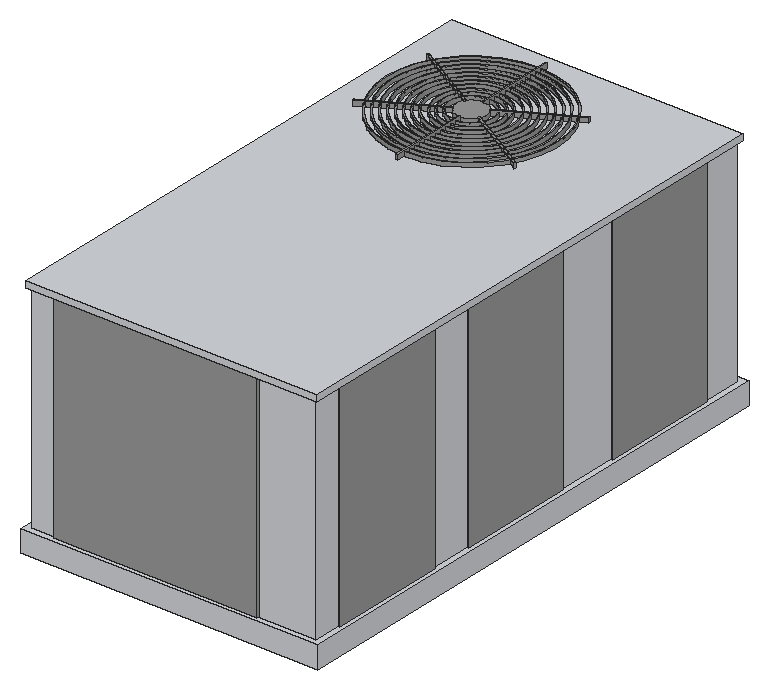
Revit family "RTU-2", category Mechanical Equipment, host Face, Revit 2025
Family settings
  Host = Face
  Round Connector Dimension = Use Diameter
  Classification = None
  Part Type = Normal
  Cut with Voids When Loaded = No
  Maintain Annotation Orientation = No
  Shared = No
  Room Calculation Point = No
Parameters (values of type "LCH 072 H4E E 1Y")
  Width = 47"
  URL = "https://tech.lennoxintl.com/C03e7o14l/VIu12Ch2uV/ehb_lch_abox_2103.pdf"
  Model = "LCH 072 H4E E 1Y"
  Manufacturer = "LENNOX"
  Length = 85 1/4"
  Grill Material = Steel, Paint Finish, Dark Gray
  Default Elevation = 48"
Reference planes (in)
  plane 1 "Center (Front/Back)": y = 0
  plane 2: z = 0
  plane 3 "Center (Left/Right)": x = 0
  plane 4: x = -30.90625
  plane 5: x = -31.90625
  plane 6: x = -32.90625
  plane 7: x = -33.90625
  plane 8: x = -34.90625
  plane 9: x = -35.90625
  plane 10: x = -36.90625
  plane 11: x = -37.90625
  plane 12: x = -38.90625
  plane 13: x = -39.90625
  plane 14: x = -40.90625
  plane 15: x = -42.34375
  plane 16: x = -41.03125
  plane 17: x = -41.90625
  plane 18: x = -41.90567
  plane 19: y = 22.75058
  plane 20: y = 21.75058
  plane 21: y = 20.75058
  plane 22: y = 19.75058
  plane 23: y = 18.75058
  plane 24: y = 17.75058
  plane 25: y = 16.75058
  plane 26: y = 15.75058
  plane 27: y = 14.75058
  plane 28: y = 13.75058
  plane 29: y = 12.75058
  plane 30: y = 11.31308
  plane 31: y = 12.62558
  plane 32: y = 11.75058
  plane 33: y = 11.75117
  plane 34: through (-19.01548, 19.50279, 94.70355) normal (0.866, 0.5, 0)
  plane 35: through (-17.13782, 18.87558, 94.70355) normal (-0.866, -0.5, 0)
  plane 36: through (6.39048, 19.50279, 94.70355) normal (0.866, -0.5, 0)
  plane 37: through (4.51282, 18.87558, 94.70355) normal (-0.866, 0.5, 0)
  plane 38: y = 38.93808
  plane 39: y = 37.62558
  plane 40: through (-19.01548, 30.74838, 94.70355) normal (-0.866, 0.5, 0)
  plane 41: through (-17.13782, 31.37558, 94.70355) normal (0.866, -0.5, 0)
  plane 42: through (6.39048, 30.74838, 94.70355) normal (-0.866, -0.5, 0)
  plane 43: through (4.51282, 31.37558, 94.70355) normal (0.866, 0.5, 0)
  plane 44: through (-34.15405, 50.35923, 110.75) normal (0.5, -0.866, 0)
  plane 45: through (-34.78125, 48.48157, 110.75) normal (-0.5, 0.866, 0)
  plane 46: through (-34.15405, 24.95327, 110.75) normal (-0.5, -0.866, 0)
  plane 47: through (-34.78125, 26.83093, 110.75) normal (0.5, 0.866, 0)
  plane 48: x = -14.71875
  plane 49: x = -16.03125
  plane 50: through (-22.90845, 50.35923, 110.75) normal (0.5, 0.866, 0)
  plane 51: through (-22.28125, 48.48157, 110.75) normal (-0.5, -0.866, 0)
  plane 52: through (-22.90845, 24.95327, 110.75) normal (-0.5, 0.866, 0)
  plane 53: through (-22.28125, 26.83093, 110.75) normal (0.5, -0.866, 0)
  plane 54: y = 16.875
  plane 55: x = 14
  plane 56: y = -16.125
  plane 57: x = 16.875
  plane 58: y = -0.75
  plane 59: x = -8.5
  plane 60: y = -32.875
  plane 61: x = -4
Forms (in)
  Extrusion 1, solid
    sketch origin (0, 0, 0) x (1, 0, 0) y (0, 1, 0)
      loop
        line (-23.5, 42.625) -> (-23.5, -42.625) -> (23.5, -42.625) -> (23.5, 42.625) -> (-23.5, 42.625)
    from 0 to 3.5
  Extrusion 2, solid, material "Steel, Paint Finish, Dark Gray" <- "Grill Material", not visible
    sketch origin (0, 0, 54.625) x (1, 0, 0) y (0, 1, 0)
      loop
        circle (-28.53125, 37.65625) r 2.375
      loop
        circle (-28.53125, 37.65625) r 3.375
      loop
        circle (-28.53125, 37.65625) r 3.5
      loop
        circle (-28.53125, 37.65625) r 4.375
      loop
        circle (-28.53125, 37.65625) r 5.25
      loop
        circle (-28.53125, 37.65625) r 4.5
      loop
        circle (-28.53125, 37.65625) r 5.375
      loop
        circle (-28.53125, 37.65625) r 6.375
      loop
        circle (-28.53125, 37.65625) r 7.375
      loop
        circle (-28.53125, 37.65625) r 9.375
      loop
        circle (-28.53125, 37.65625) r 10.375
      loop
        circle (-28.53125, 37.65625) r 11.375
      loop
        circle (-28.53125, 37.65625) r 12.375
      loop
        circle (-28.53125, 37.65625) r 12.5
      loop
        circle (-28.53125, 37.65625) r 7.5
      loop
        circle (-28.53125, 37.65625) r 9.5
      loop
        circle (-28.53125, 37.65625) r 10.5
      loop
        circle (-28.53125, 37.65625) r 11.5
      loop
        circle (-28.53125, 37.65625) r 8.375
      loop
        circle (-28.53125, 37.65625) r 8.5
      loop
        circle (-28.53125, 37.65625) r 6.5
      loop
        circle (-28.53125, 37.65625) r 13.375
      loop
        circle (-28.53125, 37.65625) r 13.5
    from 0 to 0.625
  Extrusion 3, solid, material "Steel, Paint Finish, Dark Gray" <- "Grill Material", not visible
    sketch origin (0, 0, 55.75) x (1, 0, 0) y (0, 1, 0)
      loop
        line (-43.28067, 37.78125) -> (-43.28067, 37.53125) -> (-30.90296, 37.53125)
        arc (-30.90296, 37.53125) -> (-30.90543, 37.59373) -> (-30.90625, 37.65625) r 2.375
        arc (-30.90625, 37.65625) -> (-30.90543, 37.71877) -> (-30.90296, 37.78125) r 2.375
        line (-30.90296, 37.78125) -> (-43.28067, 37.78125)
    from -1.125 to -0.3427
  Extrusion 4, solid, material "Steel, Paint Finish, Dark Gray" <- "Grill Material"
    sketch origin (31.34375, 53.65683, 38.57855) x (0, 1, 0) y (-1, 0, 0)
      loop
        circle (-28.53125, 37.65625) r 2.375
      loop
        circle (-28.53125, 37.65625) r 3.375
      loop
        circle (-28.53125, 37.65625) r 3.5
      loop
        circle (-28.53125, 37.65625) r 4.375
      loop
        circle (-28.53125, 37.65625) r 5.25
      loop
        circle (-28.53125, 37.65625) r 4.5
      loop
        circle (-28.53125, 37.65625) r 5.375
      loop
        circle (-28.53125, 37.65625) r 6.375
      loop
        circle (-28.53125, 37.65625) r 7.375
      loop
        circle (-28.53125, 37.65625) r 9.375
      loop
        circle (-28.53125, 37.65625) r 10.375
      loop
        circle (-28.53125, 37.65625) r 11.375
      loop
        circle (-28.53125, 37.65625) r 12.375
      loop
        circle (-28.53125, 37.65625) r 12.5
      loop
        circle (-28.53125, 37.65625) r 7.5
      loop
        circle (-28.53125, 37.65625) r 9.5
      loop
        circle (-28.53125, 37.65625) r 10.5
      loop
        circle (-28.53125, 37.65625) r 11.5
      loop
        circle (-28.53125, 37.65625) r 8.375
      loop
        circle (-28.53125, 37.65625) r 8.5
      loop
        circle (-28.53125, 37.65625) r 6.5
      loop
        circle (-28.53125, 37.65625) r 13.375
      loop
        circle (-28.53125, 37.65625) r 13.5
    from 0 to 0.625
  Extrusion 5, solid, material "Steel, Paint Finish, Dark Gray" <- "Grill Material"
    sketch origin (31.34375, 53.65683, 39.70355) x (0, 1, 0) y (-1, 0, 0)
      loop
        line (-43.28067, 37.78125) -> (-43.28067, 37.53125) -> (-30.90296, 37.53125)
        arc (-30.90296, 37.53125) -> (-30.90543, 37.59373) -> (-30.90625, 37.65625) r 2.375
        arc (-30.90625, 37.65625) -> (-30.90543, 37.71877) -> (-30.90296, 37.78125) r 2.375
        line (-30.90296, 37.78125) -> (-43.28067, 37.78125)
    from -1.125 to -0.3427
  Extrusion 6, solid, material "Steel, Paint Finish, Dark Gray" <- "Grill Material"
    sketch origin (37.22441, 6.77994, 39.70355) x (0.866025, 0.5, 0) y (-0.5, 0.866025, 0)
      loop
        line (-43.28067, 37.78125) -> (-43.28067, 37.53125) -> (-30.90296, 37.53125)
        arc (-30.90296, 37.53125) -> (-30.90543, 37.59373) -> (-30.90625, 37.65625) r 2.375
        arc (-30.90625, 37.65625) -> (-30.90543, 37.71877) -> (-30.90296, 37.78125) r 2.375
        line (-30.90296, 37.78125) -> (-43.28067, 37.78125)
    from -1.125 to -0.3427
  Extrusion 7, solid, material "Steel, Paint Finish, Dark Gray" <- "Grill Material"
    sketch origin (-49.84941, 6.77994, 39.70355) x (-0.866025, 0.5, 0) y (-0.5, -0.866025, 0)
      loop
        line (-43.28067, -37.78125) -> (-30.90296, -37.78125)
        arc (-30.90296, -37.78125) -> (-30.90543, -37.71877) -> (-30.90625, -37.65625) r 2.375
        arc (-30.90625, -37.65625) -> (-30.90543, -37.59373) -> (-30.90296, -37.53125) r 2.375
        line (-30.90296, -37.53125) -> (-43.28067, -37.53125) -> (-43.28067, -37.78125)
    from -1.125 to -0.3427
  Extrusion 8, solid, material "Steel, Paint Finish, Dark Gray" <- "Grill Material"
    sketch origin (31.34375, -3.40567, 39.70355) x (0, -1, 0) y (1, 0, 0)
      loop
        line (-43.28067, -37.78125) -> (-30.90296, -37.78125)
        arc (-30.90296, -37.78125) -> (-30.90543, -37.71877) -> (-30.90625, -37.65625) r 2.375
        arc (-30.90625, -37.65625) -> (-30.90543, -37.59373) -> (-30.90296, -37.53125) r 2.375
        line (-30.90296, -37.53125) -> (-43.28067, -37.53125) -> (-43.28067, -37.78125)
    from -1.125 to -0.3427
  Extrusion 9, solid, material "Steel, Paint Finish, Dark Gray" <- "Grill Material"
    sketch origin (37.22441, 43.47123, 39.70355) x (0.866025, -0.5, 0) y (0.5, 0.866025, 0)
      loop
        line (-43.28067, -37.78125) -> (-30.90296, -37.78125)
        arc (-30.90296, -37.78125) -> (-30.90543, -37.71877) -> (-30.90625, -37.65625) r 2.375
        arc (-30.90625, -37.65625) -> (-30.90543, -37.59373) -> (-30.90296, -37.53125) r 2.375
        line (-30.90296, -37.53125) -> (-43.28067, -37.53125) -> (-43.28067, -37.78125)
    from -1.125 to -0.3427
  Extrusion 10, solid, material "Steel, Paint Finish, Dark Gray" <- "Grill Material"
    sketch origin (-49.84941, 43.47123, 39.70355) x (-0.866025, -0.5, 0) y (0.5, -0.866025, 0)
      loop
        line (-43.28067, 37.78125) -> (-43.28067, 37.53125) -> (-30.90296, 37.53125)
        arc (-30.90296, 37.53125) -> (-30.90543, 37.59373) -> (-30.90625, 37.65625) r 2.375
        arc (-30.90625, 37.65625) -> (-30.90543, 37.71877) -> (-30.90296, 37.78125) r 2.375
        line (-30.90296, 37.78125) -> (-43.28067, 37.78125)
    from -1.125 to -0.3427
  Extrusion 11, solid, material "Steel, Paint Finish, Dark Gray" <- "Grill Material", not visible
    sketch origin (-46.87689, -5.88066, 55.75) x (0.5, -0.866025, 0) y (0.866025, 0.5, 0)
      loop
        line (-43.28067, 37.78125) -> (-43.28067, 37.53125) -> (-30.90296, 37.53125)
        arc (-30.90296, 37.53125) -> (-30.90543, 37.59373) -> (-30.90625, 37.65625) r 2.375
        arc (-30.90625, 37.65625) -> (-30.90543, 37.71877) -> (-30.90296, 37.78125) r 2.375
        line (-30.90296, 37.78125) -> (-43.28067, 37.78125)
    from -1.125 to -0.3427
  Extrusion 12, solid, material "Steel, Paint Finish, Dark Gray" <- "Grill Material", not visible
    sketch origin (-46.87689, 81.19316, 55.75) x (0.5, 0.866025, 0) y (-0.866025, 0.5, 0)
      loop
        line (-43.28067, -37.78125) -> (-30.90296, -37.78125)
        arc (-30.90296, -37.78125) -> (-30.90543, -37.71877) -> (-30.90625, -37.65625) r 2.375
        arc (-30.90625, -37.65625) -> (-30.90543, -37.59373) -> (-30.90296, -37.53125) r 2.375
        line (-30.90296, -37.53125) -> (-43.28067, -37.53125) -> (-43.28067, -37.78125)
    from -1.125 to -0.3427
  Extrusion 13, solid, material "Steel, Paint Finish, Dark Gray" <- "Grill Material", not visible
    sketch origin (-57.0625, 0, 55.75) x (-1, 0, 0) y (0, -1, 0)
      loop
        line (-43.28067, -37.78125) -> (-30.90296, -37.78125)
        arc (-30.90296, -37.78125) -> (-30.90543, -37.71877) -> (-30.90625, -37.65625) r 2.375
        arc (-30.90625, -37.65625) -> (-30.90543, -37.59373) -> (-30.90296, -37.53125) r 2.375
        line (-30.90296, -37.53125) -> (-43.28067, -37.53125) -> (-43.28067, -37.78125)
    from -1.125 to -0.3427
  Extrusion 14, solid, material "Steel, Paint Finish, Dark Gray" <- "Grill Material", not visible
    sketch origin (-10.18561, -5.88066, 55.75) x (-0.5, -0.866025, 0) y (0.866025, -0.5, 0)
      loop
        line (-43.28067, -37.78125) -> (-30.90296, -37.78125)
        arc (-30.90296, -37.78125) -> (-30.90543, -37.71877) -> (-30.90625, -37.65625) r 2.375
        arc (-30.90625, -37.65625) -> (-30.90543, -37.59373) -> (-30.90296, -37.53125) r 2.375
        line (-30.90296, -37.53125) -> (-43.28067, -37.53125) -> (-43.28067, -37.78125)
    from -1.125 to -0.3427
  Extrusion 15, solid, material "Steel, Paint Finish, Dark Gray" <- "Grill Material", not visible
    sketch origin (-10.18561, 81.19316, 55.75) x (-0.5, 0.866025, 0) y (-0.866025, -0.5, 0)
      loop
        line (-43.28067, 37.78125) -> (-43.28067, 37.53125) -> (-30.90296, 37.53125)
        arc (-30.90296, 37.53125) -> (-30.90543, 37.59373) -> (-30.90625, 37.65625) r 2.375
        arc (-30.90625, 37.65625) -> (-30.90543, 37.71877) -> (-30.90296, 37.78125) r 2.375
        line (-30.90296, 37.78125) -> (-43.28067, 37.78125)
    from -1.125 to -0.3427
  Extrusion 16, solid
    sketch origin (0, 0, 0) x (1, 0, 0) y (0, 1, 0)
      loop
        line (-22.5, 41.625) -> (-22.5, -41.625) -> (22.5, -41.625) -> (22.5, 41.625) -> (-22.5, 41.625)
    from 3.5 to 37.57855
  Extrusion 17, void
    sketch origin (0, 0, 0) x (1, 0, 0) y (0, 1, 0)
      loop
        line (-18.5, 8.25) -> (-18.5, -9.75) -> (1.5, -9.75) -> (1.5, 8.25) -> (-18.5, 8.25)
      loop
        line (-19, -27.375) -> (-19, -38.375) -> (11, -38.375) -> (11, -27.375) -> (-19, -27.375)
      loop
        arc (13.5, 20.875) -> (12.79289, 20.58211) -> (12.5, 19.875) r 1
        line (12.5, 19.875) -> (12.5, 13.875)
        arc (12.5, 13.875) -> (12.79289, 13.16789) -> (13.5, 12.875) r 1
        line (13.5, 12.875) -> (14.5, 12.875)
        arc (14.5, 12.875) -> (15.20711, 13.16789) -> (15.5, 13.875) r 1
        line (15.5, 13.875) -> (15.5, 19.875)
        arc (15.5, 19.875) -> (15.20711, 20.58211) -> (14.5, 20.875) r 1
        line (14.5, 20.875) -> (13.5, 20.875)
      loop
        circle (16.875, -16.125) r 1
    from 0 to 3.5
  Extrusion 18, solid
    sketch origin (0, 0, 0) x (1, 0, 0) y (0, 1, 0)
      loop
        line (-23, 42.125) -> (-23, -42.125) -> (23, -42.125) -> (23, 42.125) -> (-23, 42.125)
    from 37.57855 to 38.57855
  Extrusion 19, void
    sketch origin (0, 0, 0) x (0, 1, 0) y (0, 0, 1)
      loop
        line (39.875, 37.57855) -> (10.75738, 37.57855) -> (10.75738, 3.5) -> (39.875, 3.5) -> (39.875, 37.57855)
    from -23.5 to -21.24899
Cuts and joins
  Extrusion 17, Extrusion 19 cuts Extrusion 1
  Extrusion 17, Extrusion 19 cuts Extrusion 16
  Extrusion 19 cuts Extrusion 18
Dimensions and locks (in)
  equal spacing: Extrusion 1 sketch curve, plane 1 "Center (Front/Back)", Extrusion 1 sketch curve
  equal spacing: Extrusion 1 sketch curve, plane 3 "Center (Left/Right)", Extrusion 1 sketch curve
  "Width": Extrusion 1 sketch curve to Extrusion 1 sketch curve
  "Length": Extrusion 1 sketch curve to Extrusion 1 sketch curve
  Extrusion 1 to Extrusion 17 sketch curve = 4 1/4"
  Extrusion 1 to Extrusion 17 sketch curve = 4 1/2"
  Extrusion 1 to Extrusion 17 sketch curve = 5"
  Extrusion 1 to plane 54 = 25 3/4"
  plane 55 to Extrusion 1 = 9 1/2"
  plane 57 to Extrusion 1 = 6 5/8"
  plane 56 to Extrusion 1 = 26 1/2"
  nested 5 to level = 5 1/2"
  nested 5 to Extrusion 18 = 2"
  nested 6 to nested 5 = 18 3/8"
  cut or joined group of Extrusion 16, Extrusion 17, Extrusion 19 to cut or joined group of Extrusion 16, Extrusion 17, Extrusion 19 = 29.11762"
  equal spacing: group 3, group 4, group 5, group 6, group 7, group 8, group 9, group 10, group 11, group 12, group 13, group 14, group 15, group 16, group 17, group 18, group 19, group 20, group 21  (x2)
  equal spacing: group 21, group 20, group 19, group 18, group 17, group 16, group 15, group 14, group 13, group 12, group 11, group 10, group 9, group 8, group 7, group 6, group 5, group 4, group 3
  equal spacing: cut or joined group of Extrusion 1, Extrusion 17, Extrusion 19, plane 60, cut or joined group of Extrusion 1, Extrusion 17, Extrusion 19
  equal spacing: cut or joined group of Extrusion 1, Extrusion 17, Extrusion 19, plane 61, cut or joined group of Extrusion 1, Extrusion 17, Extrusion 19
  aligned and locked: plane 2 to host face
  aligned and locked: level to host face
Automatic sketch dimensions
  host sketch curve to host sketch curve = 96"  (x2)
  Extrusion 4 sketch curve to Extrusion 4 sketch curve = 0"  (x297)
  Extrusion 5 sketch curve to Extrusion 5 sketch curve = 2.37171"
  Extrusion 6 sketch curve to Extrusion 6 sketch curve = 2.37171"
  Extrusion 6 sketch curve to plane 34 = 0.93692"
  Extrusion 7 sketch curve to Extrusion 7 sketch curve = 2.37171"
  Extrusion 7 sketch curve to Extrusion 7 sketch curve = 0"  (x3)
  Extrusion 7 sketch curve to plane 36 = 0.93692"
  Extrusion 7 sketch curve to Extrusion 7 sketch curve = 1/8"
  Extrusion 8 sketch curve to Extrusion 8 sketch curve = 2.37171"
  Extrusion 8 sketch curve to plane 38 = 0.93692"
  Extrusion 9 sketch curve to Extrusion 9 sketch curve = 2.37171"
  Extrusion 9 sketch curve to Extrusion 9 sketch curve = 0"  (x3)
  Extrusion 9 sketch curve to plane 40 = 0.93692"
  Extrusion 9 sketch curve to Extrusion 9 sketch curve = 1/8"
  Extrusion 10 sketch curve to Extrusion 10 sketch curve = 2.37171"
  Extrusion 10 sketch curve to plane 42 = 0.93692"
  Extrusion 2 sketch curve to Extrusion 2 sketch curve = 0"  (x297)
  Extrusion 3 sketch curve to Extrusion 3 sketch curve = 2.37171"
  Extrusion 4 sketch curve to plane 19 = 2 3/8"
  Extrusion 5 sketch curve to Extrusion 5 sketch curve = 0"  (x3)
  Extrusion 5 sketch curve to plane 31 = 10.12829"
  Extrusion 6 sketch curve to Extrusion 6 sketch curve = 0"  (x3)
  Extrusion 6 sketch curve to plane 35 = 10.12829"
  Extrusion 6 sketch curve to Extrusion 6 sketch curve = 1/8"
  Extrusion 7 sketch curve to plane 37 = 10.12829"
  Extrusion 8 sketch curve to Extrusion 8 sketch curve = 0"  (x4)
  Extrusion 8 sketch curve to plane 39 = 10.12829"
  Extrusion 9 sketch curve to plane 41 = 10.12829"
  Extrusion 10 sketch curve to Extrusion 10 sketch curve = 0"  (x3)
  Extrusion 10 sketch curve to plane 43 = 10.12829"
  Extrusion 10 sketch curve to Extrusion 10 sketch curve = 1/8"
  Extrusion 5 sketch curve to plane 30 = 0.93692"
  Extrusion 5 sketch curve to Extrusion 5 sketch curve = 1/8"
  plane 33 to Extrusion 6 sketch curve = 5.89145"
  plane 33 to Extrusion 7 sketch curve = 12.29681"
  Extrusion 8 sketch curve to Extrusion 8 sketch curve = 1/8"
  plane 33 to Extrusion 9 sketch curve = 14.45202"
  plane 33 to Extrusion 10 sketch curve = 20.85738"
  Extrusion 2 sketch curve to plane 4 = 2 3/8"
  Extrusion 3 sketch curve to Extrusion 3 sketch curve = 0"  (x3)
  Extrusion 3 sketch curve to plane 16 = 10.12829"
  Extrusion 11 sketch curve to Extrusion 11 sketch curve = 0"  (x3)
  Extrusion 11 sketch curve to plane 45 = 10.12829"
  Extrusion 11 sketch curve to Extrusion 11 sketch curve = 1/8"
  Extrusion 12 sketch curve to Extrusion 12 sketch curve = 0"  (x2)
  Extrusion 12 sketch curve to plane 47 = 10.12829"
  Extrusion 13 sketch curve to Extrusion 13 sketch curve = 0"  (x4)
  Extrusion 13 sketch curve to plane 49 = 10.12829"
  Extrusion 14 sketch curve to Extrusion 14 sketch curve = 0"  (x2)
  Extrusion 14 sketch curve to plane 51 = 10.12829"
  Extrusion 15 sketch curve to Extrusion 15 sketch curve = 0"  (x3)
  Extrusion 15 sketch curve to plane 53 = 10.12829"
  Extrusion 15 sketch curve to Extrusion 15 sketch curve = 1/8"
  Extrusion 3 sketch curve to plane 15 = 0.93692"
  Extrusion 3 sketch curve to Extrusion 3 sketch curve = 1/8"
  plane 18 to Extrusion 11 sketch curve = 5.89145"
  plane 18 to Extrusion 12 sketch curve = 12.29681"
  Extrusion 13 sketch curve to Extrusion 13 sketch curve = 1/8"
  plane 18 to Extrusion 14 sketch curve = 14.45202"
  plane 18 to Extrusion 15 sketch curve = 20.85738"
  Extrusion 16 sketch curve to plane 3 "Center (Left/Right)" = 22 1/2"
  plane 3 "Center (Left/Right)" to Extrusion 16 sketch curve = 22 1/2"
  plane 1 "Center (Front/Back)" to Extrusion 16 sketch curve = 41 5/8"
  plane 33 to Extrusion 16 sketch curve = 29.87383"
  Extrusion 17 sketch curve to plane 56 = 0"
  Extrusion 17 sketch curve to plane 57 = 0"
  plane 3 "Center (Left/Right)" to Extrusion 17 sketch curve = 1 1/2"
  Extrusion 17 sketch curve to plane 55 = 3"
  Extrusion 17 sketch curve to plane 55 = 1 1/2"
  Extrusion 17 sketch curve to plane 55 = 1/2"  (x2)
  plane 55 to Extrusion 17 sketch curve = 1/2"  (x2)
  Extrusion 17 sketch curve to Extrusion 17 sketch curve = 1"
  Extrusion 17 sketch curve to plane 56 = 11 1/4"
  plane 56 to Extrusion 17 sketch curve = 6 3/8"
  Extrusion 17 sketch curve to plane 33 = 3.50117"
  plane 33 to Extrusion 17 sketch curve = 1.12383"
  plane 54 to Extrusion 17 sketch curve = 3"
  Extrusion 18 sketch curve to plane 3 "Center (Left/Right)" = 23"
  plane 3 "Center (Left/Right)" to Extrusion 18 sketch curve = 23"
  plane 1 "Center (Front/Back)" to Extrusion 18 sketch curve = 42 1/8"
  plane 33 to Extrusion 18 sketch curve = 30.37383"
  Extrusion 19 sketch curve to plane 33 = 0.99379"
  level to Extrusion 19 sketch curve = 3 1/2"
  plane 33 to Extrusion 19 sketch curve = 28.12383"
  Extrusion 19 sketch curve to Extrusion 19 sketch curve = 34.07855"
  radius of Extrusion 4 sketch curve = 2 3/8"
  radius of Extrusion 4 sketch curve = 3 3/8"
  radius of Extrusion 4 sketch curve = 3 1/2"
  radius of Extrusion 4 sketch curve = 4 3/8"
  radius of Extrusion 4 sketch curve = 5 1/4"
  radius of Extrusion 4 sketch curve = 4 1/2"
  radius of Extrusion 4 sketch curve = 5 3/8"
  radius of Extrusion 4 sketch curve = 6 3/8"
  radius of Extrusion 4 sketch curve = 7 3/8"
  radius of Extrusion 4 sketch curve = 9 3/8"
  radius of Extrusion 4 sketch curve = 10 3/8"
  radius of Extrusion 4 sketch curve = 11 3/8"
  radius of Extrusion 4 sketch curve = 12 3/8"
  radius of Extrusion 4 sketch curve = 12 1/2"
  radius of Extrusion 4 sketch curve = 7 1/2"
  radius of Extrusion 4 sketch curve = 9 1/2"
  radius of Extrusion 4 sketch curve = 10 1/2"
  radius of Extrusion 4 sketch curve = 11 1/2"
  radius of Extrusion 4 sketch curve = 8 3/8"
  radius of Extrusion 4 sketch curve = 8 1/2"
  radius of Extrusion 4 sketch curve = 6 1/2"
  radius of Extrusion 4 sketch curve = 13 3/8"
  radius of Extrusion 4 sketch curve = 13 1/2"
  radius of Extrusion 2 sketch curve = 2 3/8"
  radius of Extrusion 2 sketch curve = 3 3/8"
  radius of Extrusion 2 sketch curve = 3 1/2"
  radius of Extrusion 2 sketch curve = 4 3/8"
  radius of Extrusion 2 sketch curve = 5 1/4"
  radius of Extrusion 2 sketch curve = 4 1/2"
  radius of Extrusion 2 sketch curve = 5 3/8"
  radius of Extrusion 2 sketch curve = 6 3/8"
  radius of Extrusion 2 sketch curve = 7 3/8"
  radius of Extrusion 2 sketch curve = 9 3/8"
  radius of Extrusion 2 sketch curve = 10 3/8"
  radius of Extrusion 2 sketch curve = 11 3/8"
  radius of Extrusion 2 sketch curve = 12 3/8"
  radius of Extrusion 2 sketch curve = 12 1/2"
  radius of Extrusion 2 sketch curve = 7 1/2"
  radius of Extrusion 2 sketch curve = 9 1/2"
  radius of Extrusion 2 sketch curve = 10 1/2"
  radius of Extrusion 2 sketch curve = 11 1/2"
  radius of Extrusion 2 sketch curve = 8 3/8"
  radius of Extrusion 2 sketch curve = 8 1/2"
  radius of Extrusion 2 sketch curve = 6 1/2"
  radius of Extrusion 2 sketch curve = 13 3/8"
  radius of Extrusion 2 sketch curve = 13 1/2"
  radius of Extrusion 17 sketch curve = 1"
Nested families (in)
  nested 1: "Panel" at (22.5, -27.875, 20.53928) x (0, 1, 0) z (1, 0, 0), type "Panel"
    with Width 18 3/4", Length 34.07855"
  nested 2: "Panel" at (22.5, -2.4375, 20.53928) x (0, 1, 0) z (1, 0, 0), type "Panel"
    with Width 18 3/4", Length 34.07855"
  nested 3: "Panel" at (22.5, 26.0625, 20.53928) x (0, 1, 0) z (1, 0, 0), type "Panel"
    with Width 18 3/4", Length 34.07855"
  nested 4: "Panel" at (-2.71875, -41.625, 20.53928) x (-1, 0, 0) z (0, -1, 0), type "Panel"
    with Width 32 3/16", Length 34.07855"
  nested 5: "Panel" at (-22.5, -34.625, 20) x (0, 1, 0) z (-1, 0, 0), type "Panel"
    with Width 11", Length 29"
  nested 6: "Panel" at (-22.5, -1, 15.5) x (0, 1, 0) z (-1, 0, 0), type "Panel"
    with Width 19 1/2", Length 20"
  nested 7: "Family1" at (-21.5, 39.875, 35.95355) x (0, -1, 0) z (-1, 0, 0), type "Family1"
    with Space 233/256", built-in parameter 1001306 2.4792 (stored number, unit not read), Count 32
  nested 8: "Family1" at (-21.5, 39.875, 34.20355) x (0, -1, 0) z (-1, 0, 0), type "Family1"
    with Space 233/256", built-in parameter 1001306 2.4792 (stored number, unit not read), Count 32
  nested 9: "Family1" at (-21.5, 39.875, 32.45355) x (0, -1, 0) z (-1, 0, 0), type "Family1"
    with Space 233/256", built-in parameter 1001306 2.4792 (stored number, unit not read), Count 32
  nested 10: "Family1" at (-21.5, 39.875, 30.70355) x (0, -1, 0) z (-1, 0, 0), type "Family1"
    with Space 233/256", built-in parameter 1001306 2.4792 (stored number, unit not read), Count 32
  nested 11: "Family1" at (-21.5, 39.875, 28.95355) x (0, -1, 0) z (-1, 0, 0), type "Family1"
    with Space 233/256", built-in parameter 1001306 2.4792 (stored number, unit not read), Count 32
  nested 12: "Family1" at (-21.5, 39.875, 27.20355) x (0, -1, 0) z (-1, 0, 0), type "Family1"
    with Space 233/256", built-in parameter 1001306 2.4792 (stored number, unit not read), Count 32
  nested 13: "Family1" at (-21.5, 39.875, 25.45355) x (0, -1, 0) z (-1, 0, 0), type "Family1"
    with Space 233/256", built-in parameter 1001306 2.4792 (stored number, unit not read), Count 32
  nested 14: "Family1" at (-21.5, 39.875, 23.70355) x (0, -1, 0) z (-1, 0, 0), type "Family1"
    with Space 233/256", built-in parameter 1001306 2.4792 (stored number, unit not read), Count 32
  nested 15: "Family1" at (-21.5, 39.875, 21.95355) x (0, -1, 0) z (-1, 0, 0), type "Family1"
    with Space 233/256", built-in parameter 1001306 2.4792 (stored number, unit not read), Count 32
  nested 16: "Family1" at (-21.5, 39.875, 20.20355) x (0, -1, 0) z (-1, 0, 0), type "Family1"
    with Space 233/256", built-in parameter 1001306 2.4792 (stored number, unit not read), Count 32
  nested 17: "Family1" at (-21.5, 39.875, 18.45355) x (0, -1, 0) z (-1, 0, 0), type "Family1"
    with Space 233/256", built-in parameter 1001306 2.4792 (stored number, unit not read), Count 32
  nested 18: "Family1" at (-21.5, 39.875, 16.70355) x (0, -1, 0) z (-1, 0, 0), type "Family1"
    with Space 233/256", built-in parameter 1001306 2.4792 (stored number, unit not read), Count 32
  nested 19: "Family1" at (-21.5, 39.875, 14.95355) x (0, -1, 0) z (-1, 0, 0), type "Family1"
    with Space 233/256", built-in parameter 1001306 2.4792 (stored number, unit not read), Count 32
  nested 20: "Family1" at (-21.5, 39.875, 13.20355) x (0, -1, 0) z (-1, 0, 0), type "Family1"
    with Space 233/256", built-in parameter 1001306 2.4792 (stored number, unit not read), Count 32
  nested 21: "Family1" at (-21.5, 39.875, 11.45355) x (0, -1, 0) z (-1, 0, 0), type "Family1"
    with Space 233/256", built-in parameter 1001306 2.4792 (stored number, unit not read), Count 32
  nested 22: "Family1" at (-21.5, 39.875, 9.70355) x (0, -1, 0) z (-1, 0, 0), type "Family1"
    with Space 233/256", built-in parameter 1001306 2.4792 (stored number, unit not read), Count 32
  nested 23: "Family1" at (-21.5, 39.875, 7.95355) x (0, -1, 0) z (-1, 0, 0), type "Family1"
    with Space 233/256", built-in parameter 1001306 2.4792 (stored number, unit not read), Count 32
  nested 24: "Family1" at (-21.5, 39.875, 6.20355) x (0, -1, 0) z (-1, 0, 0), type "Family1"
    with Space 233/256", built-in parameter 1001306 2.4792 (stored number, unit not read), Count 32
  nested 25: "Family1" at (-21.5, 39.875, 4.45355) x (0, -1, 0) z (-1, 0, 0), type "Family1"
    with Space 233/256", built-in parameter 1001306 2.4792 (stored number, unit not read), Count 32
Connectors (in)
  hvac at (-8.5, -0.75, 3.5)
    settings: on cut or joined group of Extrusion 1, Extrusion 17, Extrusion 19, index 1, duct flow 0 CFM, flow factor 0, pres drop 0.00 in-wg, loss coef 0, conn angle 0.00°, conn width 20", conn height 18", conn diameter 24", duct sys type 1, conn prof type 1, flow config 0, flow direction 0, loss method 0, conn ref index -1, conn util no, is conn primary yes, conn desc "supply"
  hvac at (-4, -32.875, 3.5)
    settings: on cut or joined group of Extrusion 1, Extrusion 17, Extrusion 19, index 2, duct flow 0 CFM, flow factor 0, pres drop 0.00 in-wg, loss coef 0, conn angle 0.00°, conn width 30", conn height 11", conn diameter 24", duct sys type 2, conn prof type 1, flow config 0, flow direction 0, loss method 0, conn ref index -1, conn util no, is conn primary no, conn desc "return"
Definition of nested family "Panel"
  Parameters (values of type "Panel")
    Width [instance] = 21 9/16"
    Material = none
    Length [instance] = 49 7/16"
    Default Elevation = 48"
  Reference planes (in)
    plane 1 "Center (Front/Back)": y = 0
    plane 2: z = 0
    plane 3 "Center (Left/Right)": x = 0
    plane 4: z = 0.25
    plane 5: x = -10.78125
    plane 6: x = 10.78125
    plane 7: y = 24.71875
    plane 8: y = -24.71875
  Forms (in)
    Extrusion 1, solid
      sketch origin (0, 0, 0) x (1, 0, 0) y (0, 1, 0)
        loop
          line (-48, 48) -> (-48, -48) -> (48, -48) -> (48, 48) -> (-48, 48)
      from 0 to -12
    Extrusion 2, solid, material <- "Material"
      sketch origin (0, 0, 0) x (1, 0, 0) y (0, 1, 0)
        loop
          line (-10.78125, 24.71875) -> (-10.78125, -24.71875) -> (10.78125, -24.71875) -> (10.78125, 24.71875) -> (-10.78125, 24.71875)
      from 0 to 0.25
  Dimensions and locks (in)
    plane 4 to plane 2 = 1/4"
    equal spacing: plane 5, plane 3 "Center (Left/Right)", plane 6
    equal spacing: plane 7, plane 1 "Center (Front/Back)", plane 8
    "Length": plane 7 to plane 8
    "Width": plane 5 to plane 6
    aligned and locked: plane 2 to Extrusion 1
    aligned and locked: level to Extrusion 1
    aligned and locked: plane 4 to Extrusion 2
    aligned and locked: Extrusion 2 to plane 6
    aligned and locked: Extrusion 2 to plane 5
    aligned and locked: plane 8 to Extrusion 2
    aligned and locked: plane 7 to Extrusion 2
  Automatic sketch dimensions
    Extrusion 1 sketch curve to Extrusion 1 sketch curve = 96"  (x2)
    plane 5 to Extrusion 2 sketch curve = 0"
    Extrusion 2 sketch curve to plane 6 = 0"
    plane 1 "Center (Front/Back)" to Extrusion 2 sketch curve = 24 23/32"
    Extrusion 2 sketch curve to plane 1 "Center (Front/Back)" = 24 23/32"
Definition of nested family "Family1"
  Parameters (values of type "Family1")
    Space [instance] = 233/256"
    built-in parameter 1001306 [instance] = 51"
    Depth = 1"
    Default Elevation = 0"
    Count [instance] = rounddown([built-in parameter 1001306] / Space)  # 56
  Reference planes (in)
    plane 1 "Center (Front/Back)": y = 0
    plane 2: z = 0
    plane 3 "Left": x = 0
    plane 4 "Right": x = 51
    plane 5: y = 1.25
    plane 6: x = 0.45496
    plane 7: z = 1
    plane 8: y = 1.25
    plane 9: x = 1.36489
    plane 10: y = 1.25
    plane 11: x = 2.27481
    plane 12: y = 1.25
    plane 13: x = 3.18474
    plane 14: x = 0.90993
    plane 15: y = 1.25
    plane 16: x = 4.09467
    plane 17: y = 1.25
    plane 18: x = 5.00459
    plane 19: y = 1.25
    plane 20: x = 5.91452
    plane 21: y = 1.25
    plane 22: x = 6.82444
    plane 23: y = 1.25
    plane 24: x = 7.73437
    plane 25: y = 1.25
    plane 26: x = 8.64429
    plane 27: y = 1.25
    plane 28: x = 9.55422
    plane 29: y = 1.25
    plane 30: x = 10.46414
    plane 31: y = 1.25
    plane 32: x = 11.37407
    plane 33: y = 1.25
    plane 34: x = 12.284
    plane 35: y = 1.25
    plane 36: x = 13.19392
    plane 37: y = 1.25
    plane 38: x = 14.10385
    plane 39: y = 1.25
    plane 40: x = 15.01377
    plane 41: y = 1.25
    plane 42: x = 15.9237
    plane 43: y = 1.25
    plane 44: x = 16.83362
    plane 45: y = 1.25
    plane 46: x = 17.74355
    plane 47: y = 1.25
    plane 48: x = 18.65347
    plane 49: y = 1.25
    plane 50: x = 19.5634
    plane 51: y = 1.25
    plane 52: x = 20.47333
    plane 53: y = 1.25
    plane 54: x = 21.38325
    plane 55: y = 1.25
    plane 56: x = 22.29318
    plane 57: y = 1.25
    plane 58: x = 23.2031
    plane 59: y = 1.25
    plane 60: x = 24.11303
    plane 61: y = 1.25
    plane 62: x = 25.02295
    plane 63: y = 1.25
    plane 64: x = 25.93288
    plane 65: y = 1.25
    plane 66: x = 26.8428
    plane 67: y = 1.25
    plane 68: x = 27.75273
    plane 69: y = 1.25
    plane 70: x = 28.66266
    plane 71: y = 1.25
    plane 72: x = 29.57258
    plane 73: y = 1.25
    plane 74: x = 30.48251
    plane 75: y = 1.25
    plane 76: x = 31.39243
    plane 77: y = 1.25
    plane 78: x = 32.30236
    plane 79: y = 1.25
    plane 80: x = 33.21228
    plane 81: y = 1.25
    plane 82: x = 34.12221
    plane 83: y = 1.25
    plane 84: x = 35.03214
    plane 85: y = 1.25
    plane 86: x = 35.94206
    plane 87: y = 1.25
    plane 88: x = 36.85199
    plane 89: y = 1.25
    plane 90: x = 37.76191
    plane 91: y = 1.25
    plane 92: x = 38.67184
    plane 93: y = 1.25
    plane 94: x = 39.58176
    plane 95: y = 1.25
    plane 96: x = 40.49169
    plane 97: y = 1.25
    plane 98: x = 41.40161
    plane 99: y = 1.25
    plane 100: x = 42.31154
    plane 101: y = 1.25
    plane 102: x = 43.22147
    plane 103: y = 1.25
    plane 104: x = 44.13139
    plane 105: y = 1.25
    plane 106: x = 45.04132
    plane 107: y = 1.25
    plane 108: x = 45.95124
    plane 109: y = 1.25
    plane 110: x = 46.86117
    plane 111: y = 1.25
    plane 112: x = 47.77109
    plane 113: y = 1.25
    plane 114: x = 48.68102
    plane 115: y = 1.25
    plane 116: x = 49.59094
    plane 117: y = 1.25
    plane 118: x = 50.50087
  Forms (in)
    Extrusion 1, solid
      sketch origin (0, 0, 0) x (1, 0, 0) y (0, 1, 0)
        loop
          line (0, 0) -> (0.06651, 0) -> (0.45496, 1.06726) -> (0.84341, 0) -> (0.90993, 0) -> (0.45496, 1.25) -> (0, 0)
      from 0 to 1
    Extrusion 2, solid
      sketch origin (0.90993, 0, 0) x (1, 0, 0) y (0, 1, 0)
        loop
          line (0, 0) -> (0.06651, 0) -> (0.45496, 1.06726) -> (0.84341, 0) -> (0.90993, 0) -> (0.45496, 1.25) -> (0, 0)
      from 0 to 1
    Extrusion 3, solid
      sketch origin (1.81985, 0, 0) x (1, 0, 0) y (0, 1, 0)
        loop
          line (0, 0) -> (0.06651, 0) -> (0.45496, 1.06726) -> (0.84341, 0) -> (0.90993, 0) -> (0.45496, 1.25) -> (0, 0)
      from 0 to 1
    Extrusion 4, solid
      sketch origin (2.72978, 0, 0) x (1, 0, 0) y (0, 1, 0)
        loop
          line (0, 0) -> (0.06651, 0) -> (0.45496, 1.06726) -> (0.84341, 0) -> (0.90993, 0) -> (0.45496, 1.25) -> (0, 0)
      from 0 to 1
    Extrusion 5, solid
      sketch origin (3.6397, 0, 0) x (1, 0, 0) y (0, 1, 0)
        loop
          line (0, 0) -> (0.06651, 0) -> (0.45496, 1.06726) -> (0.84341, 0) -> (0.90993, 0) -> (0.45496, 1.25) -> (0, 0)
      from 0 to 1
    Extrusion 6, solid
      sketch origin (4.54963, 0, 0) x (1, 0, 0) y (0, 1, 0)
        loop
          line (0, 0) -> (0.06651, 0) -> (0.45496, 1.06726) -> (0.84341, 0) -> (0.90993, 0) -> (0.45496, 1.25) -> (0, 0)
      from 0 to 1
    Extrusion 7, solid
      sketch origin (5.45955, 0, 0) x (1, 0, 0) y (0, 1, 0)
        loop
          line (0, 0) -> (0.06651, 0) -> (0.45496, 1.06726) -> (0.84341, 0) -> (0.90993, 0) -> (0.45496, 1.25) -> (0, 0)
      from 0 to 1
    Extrusion 8, solid
      sketch origin (6.36948, 0, 0) x (1, 0, 0) y (0, 1, 0)
        loop
          line (0, 0) -> (0.06651, 0) -> (0.45496, 1.06726) -> (0.84341, 0) -> (0.90993, 0) -> (0.45496, 1.25) -> (0, 0)
      from 0 to 1
    Extrusion 9, solid
      sketch origin (7.2794, 0, 0) x (1, 0, 0) y (0, 1, 0)
        loop
          line (0, 0) -> (0.06651, 0) -> (0.45496, 1.06726) -> (0.84341, 0) -> (0.90993, 0) -> (0.45496, 1.25) -> (0, 0)
      from 0 to 1
    Extrusion 10, solid
      sketch origin (8.18933, 0, 0) x (1, 0, 0) y (0, 1, 0)
        loop
          line (0, 0) -> (0.06651, 0) -> (0.45496, 1.06726) -> (0.84341, 0) -> (0.90993, 0) -> (0.45496, 1.25) -> (0, 0)
      from 0 to 1
    Extrusion 11, solid
      sketch origin (9.09926, 0, 0) x (1, 0, 0) y (0, 1, 0)
        loop
          line (0, 0) -> (0.06651, 0) -> (0.45496, 1.06726) -> (0.84341, 0) -> (0.90993, 0) -> (0.45496, 1.25) -> (0, 0)
      from 0 to 1
    Extrusion 12, solid
      sketch origin (10.00918, 0, 0) x (1, 0, 0) y (0, 1, 0)
        loop
          line (0, 0) -> (0.06651, 0) -> (0.45496, 1.06726) -> (0.84341, 0) -> (0.90993, 0) -> (0.45496, 1.25) -> (0, 0)
      from 0 to 1
    Extrusion 13, solid
      sketch origin (10.91911, 0, 0) x (1, 0, 0) y (0, 1, 0)
        loop
          line (0, 0) -> (0.06651, 0) -> (0.45496, 1.06726) -> (0.84341, 0) -> (0.90993, 0) -> (0.45496, 1.25) -> (0, 0)
      from 0 to 1
    Extrusion 14, solid
      sketch origin (11.82903, 0, 0) x (1, 0, 0) y (0, 1, 0)
        loop
          line (0, 0) -> (0.06651, 0) -> (0.45496, 1.06726) -> (0.84341, 0) -> (0.90993, 0) -> (0.45496, 1.25) -> (0, 0)
      from 0 to 1
    Extrusion 15, solid
      sketch origin (12.73896, 0, 0) x (1, 0, 0) y (0, 1, 0)
        loop
          line (0, 0) -> (0.06651, 0) -> (0.45496, 1.06726) -> (0.84341, 0) -> (0.90993, 0) -> (0.45496, 1.25) -> (0, 0)
      from 0 to 1
    Extrusion 16, solid
      sketch origin (13.64888, 0, 0) x (1, 0, 0) y (0, 1, 0)
        loop
          line (0, 0) -> (0.06651, 0) -> (0.45496, 1.06726) -> (0.84341, 0) -> (0.90993, 0) -> (0.45496, 1.25) -> (0, 0)
      from 0 to 1
    Extrusion 17, solid
      sketch origin (14.55881, 0, 0) x (1, 0, 0) y (0, 1, 0)
        loop
          line (0, 0) -> (0.06651, 0) -> (0.45496, 1.06726) -> (0.84341, 0) -> (0.90993, 0) -> (0.45496, 1.25) -> (0, 0)
      from 0 to 1
    Extrusion 18, solid
      sketch origin (15.46873, 0, 0) x (1, 0, 0) y (0, 1, 0)
        loop
          line (0, 0) -> (0.06651, 0) -> (0.45496, 1.06726) -> (0.84341, 0) -> (0.90993, 0) -> (0.45496, 1.25) -> (0, 0)
      from 0 to 1
    Extrusion 19, solid
      sketch origin (16.37866, 0, 0) x (1, 0, 0) y (0, 1, 0)
        loop
          line (0, 0) -> (0.06651, 0) -> (0.45496, 1.06726) -> (0.84341, 0) -> (0.90993, 0) -> (0.45496, 1.25) -> (0, 0)
      from 0 to 1
    Extrusion 20, solid
      sketch origin (17.28859, 0, 0) x (1, 0, 0) y (0, 1, 0)
        loop
          line (0, 0) -> (0.06651, 0) -> (0.45496, 1.06726) -> (0.84341, 0) -> (0.90993, 0) -> (0.45496, 1.25) -> (0, 0)
      from 0 to 1
    Extrusion 21, solid
      sketch origin (18.19851, 0, 0) x (1, 0, 0) y (0, 1, 0)
        loop
          line (0, 0) -> (0.06651, 0) -> (0.45496, 1.06726) -> (0.84341, 0) -> (0.90993, 0) -> (0.45496, 1.25) -> (0, 0)
      from 0 to 1
    Extrusion 22, solid
      sketch origin (19.10844, 0, 0) x (1, 0, 0) y (0, 1, 0)
        loop
          line (0, 0) -> (0.06651, 0) -> (0.45496, 1.06726) -> (0.84341, 0) -> (0.90993, 0) -> (0.45496, 1.25) -> (0, 0)
      from 0 to 1
    Extrusion 23, solid
      sketch origin (20.01836, 0, 0) x (1, 0, 0) y (0, 1, 0)
        loop
          line (0, 0) -> (0.06651, 0) -> (0.45496, 1.06726) -> (0.84341, 0) -> (0.90993, 0) -> (0.45496, 1.25) -> (0, 0)
      from 0 to 1
    Extrusion 24, solid
      sketch origin (20.92829, 0, 0) x (1, 0, 0) y (0, 1, 0)
        loop
          line (0, 0) -> (0.06651, 0) -> (0.45496, 1.06726) -> (0.84341, 0) -> (0.90993, 0) -> (0.45496, 1.25) -> (0, 0)
      from 0 to 1
    Extrusion 25, solid
      sketch origin (21.83821, 0, 0) x (1, 0, 0) y (0, 1, 0)
        loop
          line (0, 0) -> (0.06651, 0) -> (0.45496, 1.06726) -> (0.84341, 0) -> (0.90993, 0) -> (0.45496, 1.25) -> (0, 0)
      from 0 to 1
    Extrusion 26, solid
      sketch origin (22.74814, 0, 0) x (1, 0, 0) y (0, 1, 0)
        loop
          line (0, 0) -> (0.06651, 0) -> (0.45496, 1.06726) -> (0.84341, 0) -> (0.90993, 0) -> (0.45496, 1.25) -> (0, 0)
      from 0 to 1
    Extrusion 27, solid
      sketch origin (23.65807, 0, 0) x (1, 0, 0) y (0, 1, 0)
        loop
          line (0, 0) -> (0.06651, 0) -> (0.45496, 1.06726) -> (0.84341, 0) -> (0.90993, 0) -> (0.45496, 1.25) -> (0, 0)
      from 0 to 1
    Extrusion 28, solid
      sketch origin (24.56799, 0, 0) x (1, 0, 0) y (0, 1, 0)
        loop
          line (0, 0) -> (0.06651, 0) -> (0.45496, 1.06726) -> (0.84341, 0) -> (0.90993, 0) -> (0.45496, 1.25) -> (0, 0)
      from 0 to 1
    Extrusion 29, solid
      sketch origin (25.47792, 0, 0) x (1, 0, 0) y (0, 1, 0)
        loop
          line (0, 0) -> (0.06651, 0) -> (0.45496, 1.06726) -> (0.84341, 0) -> (0.90993, 0) -> (0.45496, 1.25) -> (0, 0)
      from 0 to 1
    Extrusion 30, solid
      sketch origin (26.38784, 0, 0) x (1, 0, 0) y (0, 1, 0)
        loop
          line (0, 0) -> (0.06651, 0) -> (0.45496, 1.06726) -> (0.84341, 0) -> (0.90993, 0) -> (0.45496, 1.25) -> (0, 0)
      from 0 to 1
    Extrusion 31, solid
      sketch origin (27.29777, 0, 0) x (1, 0, 0) y (0, 1, 0)
        loop
          line (0, 0) -> (0.06651, 0) -> (0.45496, 1.06726) -> (0.84341, 0) -> (0.90993, 0) -> (0.45496, 1.25) -> (0, 0)
      from 0 to 1
    Extrusion 32, solid
      sketch origin (28.20769, 0, 0) x (1, 0, 0) y (0, 1, 0)
        loop
          line (0, 0) -> (0.06651, 0) -> (0.45496, 1.06726) -> (0.84341, 0) -> (0.90993, 0) -> (0.45496, 1.25) -> (0, 0)
      from 0 to 1
    Extrusion 33, solid
      sketch origin (29.11762, 0, 0) x (1, 0, 0) y (0, 1, 0)
        loop
          line (0, 0) -> (0.06651, 0) -> (0.45496, 1.06726) -> (0.84341, 0) -> (0.90993, 0) -> (0.45496, 1.25) -> (0, 0)
      from 0 to 1
    Extrusion 34, solid
      sketch origin (30.02754, 0, 0) x (1, 0, 0) y (0, 1, 0)
        loop
          line (0, 0) -> (0.06651, 0) -> (0.45496, 1.06726) -> (0.84341, 0) -> (0.90993, 0) -> (0.45496, 1.25) -> (0, 0)
      from 0 to 1
    Extrusion 35, solid
      sketch origin (30.93747, 0, 0) x (1, 0, 0) y (0, 1, 0)
        loop
          line (0, 0) -> (0.06651, 0) -> (0.45496, 1.06726) -> (0.84341, 0) -> (0.90993, 0) -> (0.45496, 1.25) -> (0, 0)
      from 0 to 1
    Extrusion 36, solid
      sketch origin (31.8474, 0, 0) x (1, 0, 0) y (0, 1, 0)
        loop
          line (0, 0) -> (0.06651, 0) -> (0.45496, 1.06726) -> (0.84341, 0) -> (0.90993, 0) -> (0.45496, 1.25) -> (0, 0)
      from 0 to 1
    Extrusion 37, solid
      sketch origin (32.75732, 0, 0) x (1, 0, 0) y (0, 1, 0)
        loop
          line (0, 0) -> (0.06651, 0) -> (0.45496, 1.06726) -> (0.84341, 0) -> (0.90993, 0) -> (0.45496, 1.25) -> (0, 0)
      from 0 to 1
    Extrusion 38, solid
      sketch origin (33.66725, 0, 0) x (1, 0, 0) y (0, 1, 0)
        loop
          line (0, 0) -> (0.06651, 0) -> (0.45496, 1.06726) -> (0.84341, 0) -> (0.90993, 0) -> (0.45496, 1.25) -> (0, 0)
      from 0 to 1
    Extrusion 39, solid
      sketch origin (34.57717, 0, 0) x (1, 0, 0) y (0, 1, 0)
        loop
          line (0, 0) -> (0.06651, 0) -> (0.45496, 1.06726) -> (0.84341, 0) -> (0.90993, 0) -> (0.45496, 1.25) -> (0, 0)
      from 0 to 1
    Extrusion 40, solid
      sketch origin (35.4871, 0, 0) x (1, 0, 0) y (0, 1, 0)
        loop
          line (0, 0) -> (0.06651, 0) -> (0.45496, 1.06726) -> (0.84341, 0) -> (0.90993, 0) -> (0.45496, 1.25) -> (0, 0)
      from 0 to 1
    Extrusion 41, solid
      sketch origin (36.39702, 0, 0) x (1, 0, 0) y (0, 1, 0)
        loop
          line (0, 0) -> (0.06651, 0) -> (0.45496, 1.06726) -> (0.84341, 0) -> (0.90993, 0) -> (0.45496, 1.25) -> (0, 0)
      from 0 to 1
    Extrusion 42, solid
      sketch origin (37.30695, 0, 0) x (1, 0, 0) y (0, 1, 0)
        loop
          line (0, 0) -> (0.06651, 0) -> (0.45496, 1.06726) -> (0.84341, 0) -> (0.90993, 0) -> (0.45496, 1.25) -> (0, 0)
      from 0 to 1
    Extrusion 43, solid
      sketch origin (38.21687, 0, 0) x (1, 0, 0) y (0, 1, 0)
        loop
          line (0, 0) -> (0.06651, 0) -> (0.45496, 1.06726) -> (0.84341, 0) -> (0.90993, 0) -> (0.45496, 1.25) -> (0, 0)
      from 0 to 1
    Extrusion 44, solid
      sketch origin (39.1268, 0, 0) x (1, 0, 0) y (0, 1, 0)
        loop
          line (0, 0) -> (0.06651, 0) -> (0.45496, 1.06726) -> (0.84341, 0) -> (0.90993, 0) -> (0.45496, 1.25) -> (0, 0)
      from 0 to 1
    Extrusion 45, solid
      sketch origin (40.03673, 0, 0) x (1, 0, 0) y (0, 1, 0)
        loop
          line (0, 0) -> (0.06651, 0) -> (0.45496, 1.06726) -> (0.84341, 0) -> (0.90993, 0) -> (0.45496, 1.25) -> (0, 0)
      from 0 to 1
    Extrusion 46, solid
      sketch origin (40.94665, 0, 0) x (1, 0, 0) y (0, 1, 0)
        loop
          line (0, 0) -> (0.06651, 0) -> (0.45496, 1.06726) -> (0.84341, 0) -> (0.90993, 0) -> (0.45496, 1.25) -> (0, 0)
      from 0 to 1
    Extrusion 47, solid
      sketch origin (41.85658, 0, 0) x (1, 0, 0) y (0, 1, 0)
        loop
          line (0, 0) -> (0.06651, 0) -> (0.45496, 1.06726) -> (0.84341, 0) -> (0.90993, 0) -> (0.45496, 1.25) -> (0, 0)
      from 0 to 1
    Extrusion 48, solid
      sketch origin (42.7665, 0, 0) x (1, 0, 0) y (0, 1, 0)
        loop
          line (0, 0) -> (0.06651, 0) -> (0.45496, 1.06726) -> (0.84341, 0) -> (0.90993, 0) -> (0.45496, 1.25) -> (0, 0)
      from 0 to 1
    Extrusion 49, solid
      sketch origin (43.67643, 0, 0) x (1, 0, 0) y (0, 1, 0)
        loop
          line (0, 0) -> (0.06651, 0) -> (0.45496, 1.06726) -> (0.84341, 0) -> (0.90993, 0) -> (0.45496, 1.25) -> (0, 0)
      from 0 to 1
    Extrusion 50, solid
      sketch origin (44.58635, 0, 0) x (1, 0, 0) y (0, 1, 0)
        loop
          line (0, 0) -> (0.06651, 0) -> (0.45496, 1.06726) -> (0.84341, 0) -> (0.90993, 0) -> (0.45496, 1.25) -> (0, 0)
      from 0 to 1
    Extrusion 51, solid
      sketch origin (45.49628, 0, 0) x (1, 0, 0) y (0, 1, 0)
        loop
          line (0, 0) -> (0.06651, 0) -> (0.45496, 1.06726) -> (0.84341, 0) -> (0.90993, 0) -> (0.45496, 1.25) -> (0, 0)
      from 0 to 1
    Extrusion 52, solid
      sketch origin (46.4062, 0, 0) x (1, 0, 0) y (0, 1, 0)
        loop
          line (0, 0) -> (0.06651, 0) -> (0.45496, 1.06726) -> (0.84341, 0) -> (0.90993, 0) -> (0.45496, 1.25) -> (0, 0)
      from 0 to 1
    Extrusion 53, solid
      sketch origin (47.31613, 0, 0) x (1, 0, 0) y (0, 1, 0)
        loop
          line (0, 0) -> (0.06651, 0) -> (0.45496, 1.06726) -> (0.84341, 0) -> (0.90993, 0) -> (0.45496, 1.25) -> (0, 0)
      from 0 to 1
    Extrusion 54, solid
      sketch origin (48.22606, 0, 0) x (1, 0, 0) y (0, 1, 0)
        loop
          line (0, 0) -> (0.06651, 0) -> (0.45496, 1.06726) -> (0.84341, 0) -> (0.90993, 0) -> (0.45496, 1.25) -> (0, 0)
      from 0 to 1
    Extrusion 55, solid
      sketch origin (49.13598, 0, 0) x (1, 0, 0) y (0, 1, 0)
        loop
          line (0, 0) -> (0.06651, 0) -> (0.45496, 1.06726) -> (0.84341, 0) -> (0.90993, 0) -> (0.45496, 1.25) -> (0, 0)
      from 0 to 1
    Extrusion 56, solid
      sketch origin (50.04591, 0, 0) x (1, 0, 0) y (0, 1, 0)
        loop
          line (0, 0) -> (0.06651, 0) -> (0.45496, 1.06726) -> (0.84341, 0) -> (0.90993, 0) -> (0.45496, 1.25) -> (0, 0)
      from 0 to 1
  Lines and regions (in)
    reference lines
      curve 1: line (0, 0, 0) -> (51, 0, 0)
  Dimensions and locks (in)
    "built-in parameter 1001306": plane 3 "Left" to plane 4 "Right"
    "Depth": plane 7 to plane 2
    equal spacing: group 1, group 2, group 3, group 4, group 5, group 6, group 7, group 8, group 9, group 10, group 11, group 12, group 13, group 14, group 15, group 16, group 17, group 18, group 19, group 20, group 21, group 22, group 23, group 24, group 25, group 26, group 27, group 28, group 29, group 30, group 31, group 32, group 33, group 34, group 35, group 36, group 37, group 38, group 39, group 40, group 41, group 42, group 43, group 44, group 45, group 46, group 47, group 48, group 49, group 50, group 51, group 52, group 53, group 54, group 55, group 56  (x3)
    plane 3 "Left" to plane 14 = 0.90993"
    aligned and locked: plane 4 "Right" to curve 1
    aligned and locked: plane 1 "Center (Front/Back)" to curve 1
    aligned and locked: plane 3 "Left" to curve 1
    aligned and locked: level to plane 2
    aligned and locked: plane 7 to Extrusion 1
  Automatic sketch dimensions
    Extrusion 1 sketch curve to plane 5 = 0"
    Extrusion 1 sketch curve to plane 6 = 0"  (x2)
    Extrusion 1 sketch curve to plane 5 = 0.18274"
    Extrusion 1 sketch curve to Extrusion 1 sketch curve = 0.06651"  (x2)
    plane 6 to Extrusion 1 sketch curve = 0.45496"
    Extrusion 1 sketch curve to plane 6 = 0.38845"
    Extrusion 1 sketch curve to Extrusion 1 sketch curve = 1.06726"
    Extrusion 1 sketch curve to Extrusion 1 sketch curve = 0"
    Extrusion 2 sketch curve to plane 8 = 0"
    Extrusion 2 sketch curve to plane 9 = 0"  (x2)
    Extrusion 2 sketch curve to plane 8 = 0.18274"
    Extrusion 2 sketch curve to Extrusion 2 sketch curve = 0.06651"  (x2)
    plane 9 to Extrusion 2 sketch curve = 0.45496"
    Extrusion 2 sketch curve to plane 9 = 0.38845"
    Extrusion 2 sketch curve to Extrusion 2 sketch curve = 1.06726"
    Extrusion 2 sketch curve to Extrusion 2 sketch curve = 0"
    Extrusion 3 sketch curve to plane 10 = 0"
    Extrusion 3 sketch curve to plane 11 = 0"  (x2)
    Extrusion 3 sketch curve to plane 10 = 0.18274"
    Extrusion 3 sketch curve to Extrusion 3 sketch curve = 0.06651"  (x2)
    plane 11 to Extrusion 3 sketch curve = 0.45496"
    Extrusion 3 sketch curve to plane 11 = 0.38845"
    Extrusion 3 sketch curve to Extrusion 3 sketch curve = 1.06726"
    Extrusion 3 sketch curve to Extrusion 3 sketch curve = 0"
    Extrusion 4 sketch curve to plane 12 = 0"
    Extrusion 4 sketch curve to plane 13 = 0"  (x2)
    Extrusion 4 sketch curve to plane 12 = 0.18274"
    Extrusion 4 sketch curve to Extrusion 4 sketch curve = 0.06651"  (x2)
    plane 13 to Extrusion 4 sketch curve = 0.45496"
    Extrusion 4 sketch curve to plane 13 = 0.38845"
    Extrusion 4 sketch curve to Extrusion 4 sketch curve = 1.06726"
    Extrusion 4 sketch curve to Extrusion 4 sketch curve = 0"
    Extrusion 5 sketch curve to plane 15 = 0"
    Extrusion 5 sketch curve to plane 16 = 0"  (x2)
    Extrusion 5 sketch curve to plane 15 = 0.18274"
    Extrusion 5 sketch curve to Extrusion 5 sketch curve = 0.06651"  (x2)
    plane 16 to Extrusion 5 sketch curve = 0.45496"
    Extrusion 5 sketch curve to plane 16 = 0.38845"
    Extrusion 5 sketch curve to Extrusion 5 sketch curve = 1.06726"
    Extrusion 5 sketch curve to Extrusion 5 sketch curve = 0"
    Extrusion 6 sketch curve to plane 17 = 0"
    Extrusion 6 sketch curve to plane 18 = 0"  (x2)
    Extrusion 6 sketch curve to plane 17 = 0.18274"
    Extrusion 6 sketch curve to Extrusion 6 sketch curve = 0.06651"  (x2)
    plane 18 to Extrusion 6 sketch curve = 0.45496"
    Extrusion 6 sketch curve to plane 18 = 0.38845"
    Extrusion 6 sketch curve to Extrusion 6 sketch curve = 1.06726"
    Extrusion 6 sketch curve to Extrusion 6 sketch curve = 0"
    Extrusion 7 sketch curve to plane 19 = 0"
    Extrusion 7 sketch curve to plane 20 = 0"  (x2)
    Extrusion 7 sketch curve to plane 19 = 0.18274"
    Extrusion 7 sketch curve to Extrusion 7 sketch curve = 0.06651"  (x2)
    plane 20 to Extrusion 7 sketch curve = 0.45496"
    Extrusion 7 sketch curve to plane 20 = 0.38845"
    Extrusion 7 sketch curve to Extrusion 7 sketch curve = 1.06726"
    Extrusion 7 sketch curve to Extrusion 7 sketch curve = 0"
    Extrusion 8 sketch curve to plane 21 = 0"
    Extrusion 8 sketch curve to plane 22 = 0"  (x2)
    Extrusion 8 sketch curve to plane 21 = 0.18274"
    Extrusion 8 sketch curve to Extrusion 8 sketch curve = 0.06651"  (x2)
    plane 22 to Extrusion 8 sketch curve = 0.45496"
    Extrusion 8 sketch curve to plane 22 = 0.38845"
    Extrusion 8 sketch curve to Extrusion 8 sketch curve = 1.06726"
    Extrusion 8 sketch curve to Extrusion 8 sketch curve = 0"
    Extrusion 9 sketch curve to plane 23 = 0"
    Extrusion 9 sketch curve to plane 24 = 0"  (x2)
    Extrusion 9 sketch curve to plane 23 = 0.18274"
    Extrusion 9 sketch curve to Extrusion 9 sketch curve = 0.06651"  (x2)
    plane 24 to Extrusion 9 sketch curve = 0.45496"
    Extrusion 9 sketch curve to plane 24 = 0.38845"
    Extrusion 9 sketch curve to Extrusion 9 sketch curve = 1.06726"
    Extrusion 9 sketch curve to Extrusion 9 sketch curve = 0"
    Extrusion 10 sketch curve to plane 25 = 0"
    Extrusion 10 sketch curve to plane 26 = 0"  (x2)
    Extrusion 10 sketch curve to plane 25 = 0.18274"
    Extrusion 10 sketch curve to Extrusion 10 sketch curve = 0.06651"  (x2)
    plane 26 to Extrusion 10 sketch curve = 0.45496"
    Extrusion 10 sketch curve to plane 26 = 0.38845"
    Extrusion 10 sketch curve to Extrusion 10 sketch curve = 1.06726"
    Extrusion 10 sketch curve to Extrusion 10 sketch curve = 0"
    Extrusion 11 sketch curve to plane 27 = 0"
    Extrusion 11 sketch curve to plane 28 = 0"  (x2)
    Extrusion 11 sketch curve to plane 27 = 0.18274"
    Extrusion 11 sketch curve to Extrusion 11 sketch curve = 0.06651"  (x2)
    plane 28 to Extrusion 11 sketch curve = 0.45496"
    Extrusion 11 sketch curve to plane 28 = 0.38845"
    Extrusion 11 sketch curve to Extrusion 11 sketch curve = 1.06726"
    Extrusion 11 sketch curve to Extrusion 11 sketch curve = 0"
    Extrusion 12 sketch curve to plane 29 = 0"
    Extrusion 12 sketch curve to plane 30 = 0"  (x2)
    Extrusion 12 sketch curve to plane 29 = 0.18274"
    Extrusion 12 sketch curve to Extrusion 12 sketch curve = 0.06651"  (x2)
    plane 30 to Extrusion 12 sketch curve = 0.45496"
    Extrusion 12 sketch curve to plane 30 = 0.38845"
    Extrusion 12 sketch curve to Extrusion 12 sketch curve = 1.06726"
    Extrusion 12 sketch curve to Extrusion 12 sketch curve = 0"
    Extrusion 13 sketch curve to plane 31 = 0"
    Extrusion 13 sketch curve to plane 32 = 0"  (x2)
    Extrusion 13 sketch curve to plane 31 = 0.18274"
    Extrusion 13 sketch curve to Extrusion 13 sketch curve = 0.06651"  (x2)
    plane 32 to Extrusion 13 sketch curve = 0.45496"
    Extrusion 13 sketch curve to plane 32 = 0.38845"
    Extrusion 13 sketch curve to Extrusion 13 sketch curve = 1.06726"
    Extrusion 13 sketch curve to Extrusion 13 sketch curve = 0"
    Extrusion 14 sketch curve to plane 33 = 0"
    Extrusion 14 sketch curve to plane 34 = 0"  (x2)
    Extrusion 14 sketch curve to plane 33 = 0.18274"
    Extrusion 14 sketch curve to Extrusion 14 sketch curve = 0.06651"  (x2)
    plane 34 to Extrusion 14 sketch curve = 0.45496"
    Extrusion 14 sketch curve to plane 34 = 0.38845"
    Extrusion 14 sketch curve to Extrusion 14 sketch curve = 1.06726"
    Extrusion 14 sketch curve to Extrusion 14 sketch curve = 0"
    Extrusion 15 sketch curve to plane 35 = 0"
    Extrusion 15 sketch curve to plane 36 = 0"  (x2)
    Extrusion 15 sketch curve to plane 35 = 0.18274"
    Extrusion 15 sketch curve to Extrusion 15 sketch curve = 0.06651"  (x2)
    plane 36 to Extrusion 15 sketch curve = 0.45496"
    Extrusion 15 sketch curve to plane 36 = 0.38845"
    Extrusion 15 sketch curve to Extrusion 15 sketch curve = 1.06726"
    Extrusion 15 sketch curve to Extrusion 15 sketch curve = 0"
    Extrusion 16 sketch curve to plane 37 = 0"
    Extrusion 16 sketch curve to plane 38 = 0"  (x2)
    Extrusion 16 sketch curve to plane 37 = 0.18274"
    Extrusion 16 sketch curve to Extrusion 16 sketch curve = 0.06651"  (x2)
    plane 38 to Extrusion 16 sketch curve = 0.45496"
    Extrusion 16 sketch curve to plane 38 = 0.38845"
    Extrusion 16 sketch curve to Extrusion 16 sketch curve = 1.06726"
    Extrusion 16 sketch curve to Extrusion 16 sketch curve = 0"
    Extrusion 17 sketch curve to plane 39 = 0"
    Extrusion 17 sketch curve to plane 40 = 0"  (x2)
    Extrusion 17 sketch curve to plane 39 = 0.18274"
